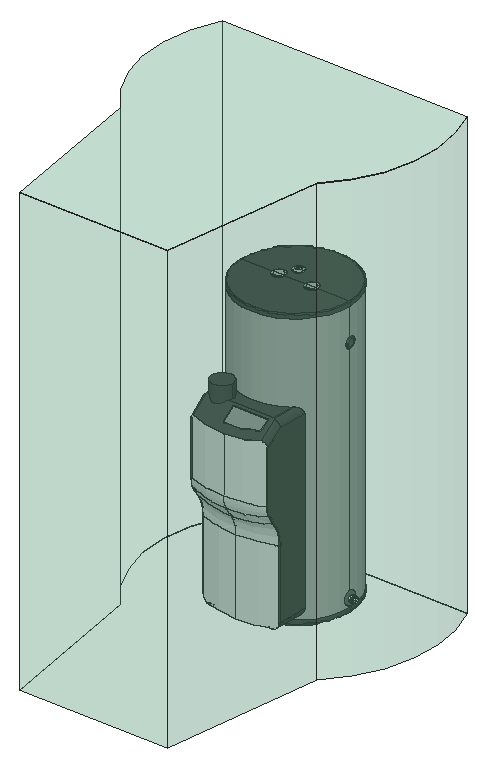
Revit family "Innovo GB_IR 20 200 GB NAT", category Mechanical Equipment, Revit 2015
Parameters (values of type "IR-20-200 GB NAT")
  Workspace Radius = Diameter + 170 mm  # 845 mm
  Workspace Height = Height + 1000 mm  # 2745 mm
  Workspace Front Distance = 1000 mm
  Working only during off-peak hour = no
  Width = Diameter  # 675 mm
  Workspace [instance] = yes
  Water heating energy efficiency class (2) = "-"
  Water heating energy efficiency class (1) = "A"  # constant formula
  Water heating energy efficiency (2) = "92%"
  Water heating energy efficiency (1) = "90%"
  Warranty on tank = "36 months"  # constant formula
  Warranty on parts = "12 months"  # constant formula
  Voltage = 230 V  # constant formula
  Valve Height 02 = if(and(Height = 1745 mm, Diameter = 675 mm), 1518 mm, if(and(Height = 1745 mm, Diameter = 610 mm), 1534 mm, if(Height = 1545 mm, 1328 mm, 1070 mm)))  # 1518 mm
  Valve Height 01 = if(and(Diameter > 560 mm), 693 mm, 604 mm)  # 693 mm
  URL = "www.aosmith.co.uk"
  Type of Packaging = "Carton and Wood"  # constant formula
  Transport Weight = 172 kg
  Trade mark = "A.O. Smith"  # constant formula
  Thermostat temperature setting = 65 °C  # constant formula
  T&P Connection Rp = 1"
  Storage Capacity = 380.0 L
  Standard Set For = "G31"
  Stand-by Loss - daily (24h) = 0 W
  Stand-by Loss = 0 W
  Smart control = no
  Serial Number = "8717449286422"
  Seasonal Energy Efficiency Rating = [Energy Efficiency Rating (Hs, acc NEN-EN 89-1999)]  # 97
  Recovery Rate @ ΔT = 70°C = 380.0 L/s
  Recovery Rate @ ΔT = 55°C = 480.0 L/s
  Recovery Rate @ ΔT = 50°C = 530.0 L/s
  Recovery Rate @ ΔT = 44°C = 600.0 L/s
  Recovery Rate @ ΔT = 28°C = 960.0 L/s
  Product Instruction Link = ""
  Product Documentation Link = ""
  Precaustions during assembling, installation or maintenance = "see User, Installation, Service and Maintenance Manual"  # constant formula
  Power Consumption (peak) = 105 W
  Power Consumption (nominal) = 85 W
  Phase = 1
  Packaging Width = 786 mm  # constant formula
  Packaging Length = 946 mm  # constant formula
  Packaging Height = 1895 mm
  Other load profile = "3XL"
  Operating Weight = 552 kg
  Nominal Output = "30700"
  Nominal Heat Input (Net) = "29000"
  Nominal Heat Input (Gross) = "32200"
  Noice-level dB (A) = "<45"  # constant formula
  NOx Emissions mg/kWh = "103.0/37.0"
  NOx Emissions (air free, 0% O2) ppm = "63.0/23.0"
  Model identifier = "IR-32-380"
  Model = "IR-32-380 GB LP"
  Min. Setpoint = 40 °C  # constant formula
  Max. Setpoint = 85 °C  # constant formula
  Max. Operating Pressure = 800000.0 Pa
  Max. Flue Gas Outlet Temperature = 65 °C
  Manufacturer Number = "E 7110"  # constant formula
  Manufacturer = "A.O. Smith Water Products Company b.v."  # constant formula
  Maintenance Interval = "12 months"  # constant formula
  Load profile = "XXL"
  Length = 780 mm  # constant formula
  Insulation Thickness = 44 mm
  Installation Type = "B23/C13/C33/C43/C53/C63"  # constant formula
  Indoor sound power level = "58 dB"
  Hot / Warm Water Connection R = 1"
  Height Warm Water Outlet = 1745 mm
  Height Gas Connection = 905 mm
  Height Flue Outlet = 1350 mm
  Height Cold Water Inlet = 170 mm
  Height Air Inlet = 1350 mm
  Height = 1745 mm
  Heating Up Time @ ΔT = 70°C = "50"
  Heating Up Time @ ΔT = 55°C = "39"
  Heating Up Time @ ΔT = 50°C = "36"
  Heating Up Time @ ΔT = 44°C = "31"
  Heating Up Time @ ΔT = 28°C = "20"
  Gas Supply Pressure = 3700.0 Pa
  Gas Flow Rate - Volume ltr/hr = "n.a."
  Gas Flow Rate - Mass kg/h = "2.3"
  Gas Connection R = 15"  # constant formula
  Gas Category = "II2E3P"  # constant formula
  Frequency = 50 Hz  # constant formula
  Flue Diameter - water heater = "80/125 mm/mm"  # constant formula
  Flue Diameter - parallel system = "2x80"  # constant formula
  Flue Diameter - concentric system = "80/125 mm/mm"  # constant formula
  Energy Efficiency Rating (Hs, acc NEN-EN 89-1999) = 97
  Energy Efficiency Rating (Hi, acc NEN-EN 89-1999) = 108
  Empty Weight = 155 kg
  Draw-off Capacity @ ΔT = 70°C after 90 min. = 840.0 L
  Draw-off Capacity @ ΔT = 70°C after 60 min. = 650.0 L
  Draw-off Capacity @ ΔT = 70°C after 30 min. = 460.0 L
  Draw-off Capacity @ ΔT = 70°C after 120 min. = 1100.0 L
  Draw-off Capacity @ ΔT = 55°C after 90 min. = 1100.0 L
  Draw-off Capacity @ ΔT = 55°C after 60 min. = 860.0 L
  Draw-off Capacity @ ΔT = 55°C after 30 min. = 610.0 L
  Draw-off Capacity @ ΔT = 55°C after 120 min. = 1400.0 L
  Draw-off Capacity @ ΔT = 50°C after 90 min. = 1300.0 L
  Draw-off Capacity @ ΔT = 50°C after 60 min. = 950.0 L
  Draw-off Capacity @ ΔT = 50°C after 30 min. = 680.0 L
  Draw-off Capacity @ ΔT = 50°C after 120 min. = 1500.0 L
  Draw-off Capacity @ ΔT = 44°C after 90 min. = 1400.0 L
  Draw-off Capacity @ ΔT = 44°C after 60 min. = 1100.0 L
  Draw-off Capacity @ ΔT = 44°C after 30 min. = 790.0 L
  Draw-off Capacity @ ΔT = 44°C after 120 min. = 1800.0 L
  Draw-off Capacity @ ΔT = 28°C after 90 min. = 2300.0 L
  Draw-off Capacity @ ΔT = 28°C after 60 min. = 1800.0 L
  Draw-off Capacity @ ΔT = 28°C after 30 min. = 1300.0 L
  Draw-off Capacity @ ΔT = 28°C after 120 min. = 2800.0 L
  Drain Valve Connection Rp = 3/4"  # constant formula
  Diameter = 675 mm
  Destination / Country = "UK & Ireland"  # constant formula
  Description = "Condensing High Efficiency Storage Water Heater"  # constant formula
  Default Setpoint = 65 °C  # constant formula
  Created By = "http://www.cadcompany.nl/"
  Condens Discharge Connection = 40 mm  # constant formula
  Cold Water Connection R = 3/4"  # constant formula
  Co2 Emissions (tol. +/- 1.0) vol% = "10"
  CE-PIN = "0063CQ3037"  # constant formula
  BIM Content Developer = "CAD & Company"  # constant formula
  Assembly Code = "D3010"
  Annual fuel consumption (2) = "40 GJ GCV"
  Annual fuel consumption (1) = "21 GJ GCV"
  Annual electricity consumption (2) = "92 kWh"
  Annual electricity consumption (1) = "45 kWh"
  APS Pressure < = 210.0 Pa
  2nd Maintenance (general maintenance) = "12 months after installation"  # constant formula
  1e Maintenance (check-up) = "3 months after installation"  # constant formula
Reference planes
  plane 1 "Center (Front/Back)": y = 0
  plane 2: z = 0
  plane 3 "Center (Left/Right)": x = 0
  plane 4 "Pipe": through (-383.901, 912.349, 194.799) normal (-0.0879, -0.0879, 0.9923)
  plane 5 "footing": y = 118.925
  plane 6 "footing front": y = -237.85
  plane 7: x = -337.5
  plane 8: x = 337.5
  plane 9: z = 1745
Forms (mm)
  Revolve 1, solid, material "RAL 9005", detail levels medium+fine
    sketch origin (0, -237.85, 0) x (-1, 0, 0) y (0, 0, 1)
      loop
        line (0, 28.9) -> (-15, 28.9) -> (-15, 26.4) -> (-8.671, 26.4) -> (-8.671, 18) -> (-5.686, 18) -> (-6.626, 17.06) -> (-6.626, 12.06) -> (-8.671, 12.06) -> (-8.671, 10) -> (-10.031, 10) -> (-23.271, 5.181)
        arc (-23.271, 5.181) -> (-23.763, 4.836) -> (-24.017, 4.293) r 1.159
        line (-24.017, 4.293) -> (-24.017, 1.03)
        arc (-24.017, 1.03) -> (-23.715, 0.302) -> (-22.986, 0) r 1.03
        line (-22.986, 0) -> (0, 0) -> (0, 28.9)
      axis (0, 28.9) -> (0, 0)
    angle from 0 to 360
  Revolve 2, solid, material "RAL 9005", detail levels medium+fine
    sketch origin (0, 118.925, 0) x (-1, 0, 0) y (0, 0, 1)
      loop
        line (-238.484, 28.9) -> (-253.484, 28.9) -> (-253.484, 26.4) -> (-247.155, 26.4) -> (-247.155, 18) -> (-244.17, 18) -> (-245.11, 17.06) -> (-245.11, 12.06) -> (-247.155, 12.06) -> (-247.155, 10) -> (-248.515, 10) -> (-261.756, 5.181)
        arc (-261.756, 5.181) -> (-262.247, 4.836) -> (-262.501, 4.293) r 1.159
        line (-262.501, 4.293) -> (-262.501, 1.03)
        arc (-262.501, 1.03) -> (-262.199, 0.302) -> (-261.471, 0) r 1.03
        line (-261.471, 0) -> (-238.484, 0) -> (-238.484, 28.9)
      axis (-238.484, 28.9) -> (-238.484, 0)
    angle from 0 to 360
  Revolve 3, solid, material "RAL 9005", detail levels medium+fine
    sketch origin (0, 118.925, 0) x (-1, 0, 0) y (0, 0, 1)
      loop
        line (236.516, 28.9) -> (221.516, 28.9) -> (221.516, 26.4) -> (227.845, 26.4) -> (227.845, 18) -> (230.83, 18) -> (229.89, 17.06) -> (229.89, 12.06) -> (227.845, 12.06) -> (227.845, 10) -> (226.485, 10) -> (213.244, 5.181)
        arc (213.244, 5.181) -> (212.753, 4.836) -> (212.499, 4.293) r 1.159
        line (212.499, 4.293) -> (212.499, 1.03)
        arc (212.499, 1.03) -> (212.801, 0.302) -> (213.529, 0) r 1.03
        line (213.529, 0) -> (236.516, 0) -> (236.516, 28.9)
      axis (236.516, 28.9) -> (236.516, 0)
    angle from 0 to 360
Lines and regions (mm)
  symbolic lines
    curve 1: line (0, 280.06, 0) -> (0, -280.06, 0)
    curve 2: line (-312.56, 0, 0) -> (312.56, 0, 0)
  symbolic lines, style "Workspace"
    curve 3: line (754.705, 380.06, 0) -> (-754.705, 380.06, 0)
    curve 4: arc (-754.705, 380.06, 0) -> (-834.687, -131.618, 0) -> (-601.132, -593.856, 0) r 845
    curve 5: line (-601.132, -593.856, 0) -> (-454.283, -1552.825, 0)
    curve 6: line (-454.283, -1552.825, 0) -> (456.53, -1552.825, 0)
    curve 7: line (456.53, -1552.825, 0) -> (603.26, -591.695, 0)
    curve 8: arc (603.26, -591.695, 0) -> (834.921, -130.12, 0) -> (754.705, 380.06, 0) r 845
Dimensions and locks
  plane 5 "footing" to plane 1 "Center (Front/Back)" = 118.925 mm
  plane 1 "Center (Front/Back)" to plane 6 "footing front" = 237.85 mm
  "Diameter": plane 7 to plane 8
  equal spacing: plane 7, plane 3 "Center (Left/Right)", plane 8
  "Height": plane 9 to plane 2
  "Workspace Front Distance": curve 6 to nested 3
  "Workspace Radius": radius of curve 4
  "Workspace Radius": radius of curve 8
  aligned and locked: level to plane 2
  aligned and locked: nested 3 to Revolve 1 sketch curve
  aligned and locked: plane 3 "Center (Left/Right)" to Revolve 1 sketch curve
  aligned and locked: nested 3 to plane 1 "Center (Front/Back)"
  aligned and locked: plane 3 "Center (Left/Right)" to nested 3
  aligned and locked: nested 1 to plane 8
  aligned and locked: nested 5 to plane 8
  aligned and locked: nested 2 to plane 7
  aligned and locked: nested 4 to plane 7
  aligned and locked: nested 7 to plane 7
  aligned and locked: nested 8 to plane 3 "Center (Left/Right)"
  aligned and locked: plane 1 "Center (Front/Back)" to nested 8
  aligned and locked: nested 8 to nested 3
  aligned and locked: curve 5 to nested 8
  aligned and locked: curve 7 to nested 8
  aligned and locked: curve 3 to nested 8
Automatic sketch dimensions
  Revolve 1 sketch curve to level = 0 mm
  plane 3 "Center (Left/Right)" to Revolve 1 sketch curve = 5.686 mm
  Revolve 1 sketch curve to Revolve 1 sketch curve = 0.94 mm  (x2)
  Revolve 1 sketch curve to Revolve 1 sketch curve = 2.046 mm  (x2)
  Revolve 1 sketch curve to Revolve 1 sketch curve = 1.359 mm
  Revolve 1 sketch curve to Revolve 1 sketch curve = 6.329 mm
  level to Revolve 1 sketch curve = 4.091 mm
  Revolve 1 sketch curve to Revolve 1 sketch curve = 12.844 mm
  level to Revolve 1 sketch curve = 1.03 mm
  Revolve 1 sketch curve to Revolve 1 sketch curve = 0.111 mm
  level to Revolve 1 sketch curve = 5.181 mm
  Revolve 1 sketch curve to Revolve 1 sketch curve = 0.745 mm
  level to Revolve 1 sketch curve = 10 mm
  Revolve 1 sketch curve to Revolve 1 sketch curve = 2.06 mm
  Revolve 1 sketch curve to Revolve 1 sketch curve = 5 mm
  Revolve 1 sketch curve to Revolve 1 sketch curve = 8.4 mm
  Revolve 1 sketch curve to Revolve 1 sketch curve = 2.5 mm
  Revolve 1 sketch curve to level = 19.635 mm
  Revolve 1 sketch curve to Revolve 1 sketch curve = 46.465 mm
  Revolve 2 sketch curve to level = 0 mm
  level to Revolve 2 sketch curve = 1.03 mm
  Revolve 2 sketch curve to plane 8 = 74.999 mm
  level to Revolve 2 sketch curve = 5.181 mm
  Revolve 2 sketch curve to Revolve 2 sketch curve = 0.745 mm
  Revolve 2 sketch curve to Revolve 2 sketch curve = 0.397 mm
  Revolve 2 sketch curve to Revolve 2 sketch curve = 8.271 mm
  Revolve 2 sketch curve to Revolve 2 sketch curve = 13.241 mm
  Revolve 2 sketch curve to Revolve 2 sketch curve = 1.359 mm
  Revolve 2 sketch curve to Revolve 2 sketch curve = 6.329 mm
  Revolve 2 sketch curve to Revolve 2 sketch curve = 2.046 mm
  level to Revolve 2 sketch curve = 18 mm
  Revolve 2 sketch curve to Revolve 2 sketch curve = 0.94 mm  (x2)
  Revolve 2 sketch curve to Revolve 2 sketch curve = 8.671 mm
  Revolve 2 sketch curve to Revolve 2 sketch curve = 1.089 mm
  Revolve 2 sketch curve to Revolve 2 sketch curve = 8 mm
  Revolve 2 sketch curve to Revolve 2 sketch curve = 2.06 mm
  Revolve 2 sketch curve to Revolve 2 sketch curve = 8.4 mm
  Revolve 2 sketch curve to Revolve 2 sketch curve = 2.5 mm
  Revolve 2 sketch curve to Revolve 2 sketch curve = 0 mm
  Revolve 2 sketch curve to level = 19.635 mm
  Revolve 2 sketch curve to Revolve 2 sketch curve = 46.465 mm
  Revolve 3 sketch curve to level = 0 mm
  level to Revolve 3 sketch curve = 1.03 mm
  Revolve 3 sketch curve to plane 7 = 125.001 mm
  level to Revolve 3 sketch curve = 5.181 mm
  Revolve 3 sketch curve to Revolve 3 sketch curve = 0.745 mm
  Revolve 3 sketch curve to Revolve 3 sketch curve = 0.397 mm
  Revolve 3 sketch curve to Revolve 3 sketch curve = 8.271 mm
  Revolve 3 sketch curve to Revolve 3 sketch curve = 13.241 mm
  Revolve 3 sketch curve to Revolve 3 sketch curve = 1.359 mm
  Revolve 3 sketch curve to Revolve 3 sketch curve = 6.329 mm
  Revolve 3 sketch curve to Revolve 3 sketch curve = 2.046 mm
  level to Revolve 3 sketch curve = 18 mm
  Revolve 3 sketch curve to Revolve 3 sketch curve = 0.94 mm  (x2)
  Revolve 3 sketch curve to Revolve 3 sketch curve = 8.671 mm
  Revolve 3 sketch curve to Revolve 3 sketch curve = 1.089 mm
  Revolve 3 sketch curve to Revolve 3 sketch curve = 8 mm
  Revolve 3 sketch curve to Revolve 3 sketch curve = 2.06 mm
  Revolve 3 sketch curve to Revolve 3 sketch curve = 8.4 mm
  Revolve 3 sketch curve to Revolve 3 sketch curve = 2.5 mm
  Revolve 3 sketch curve to Revolve 3 sketch curve = 0 mm
  Revolve 3 sketch curve to level = 19.635 mm
  Revolve 3 sketch curve to Revolve 3 sketch curve = 46.465 mm
  curve 4 to curve 8 = 0 mm  (x2)
  plane 1 "Center (Front/Back)" to curve 2 = 0 mm
  curve 1 to plane 3 "Center (Left/Right)" = 0 mm
  plane 1 "Center (Front/Back)" to curve 4 = 0 mm
  curve 4 to plane 3 "Center (Left/Right)" = 0 mm
  curve 2 to plane 7 = 24.94 mm
  curve 2 to plane 8 = 24.94 mm
  curve 1 to plane 6 "footing front" = 42.21 mm
  plane 5 "footing" to curve 1 = 161.135 mm
Nested families
  nested 1: "Valve" at (337.5, -0.38, 1518) x (0, 1, 0) z (0, 0, 1), built-in parameter 1001364 <- "Valve Height 02", type "Valve"
  nested 2: "Drain Valve" at (-337.5, 0, 1518), built-in parameter 1001364 <- "Valve Height 02", type "Drain Valve"
  nested 3: "Housing Mother Housing S 57 (external)" at (0, -334.886, 0), type "Housing Mother_Housing S_57"
    with radius 337.5 mm, distance to boiler center 189 mm, diameter 675 mm
  nested 4: "Drain Valve" at (-337.5, 0, 177), type "Drain Valve"
  nested 5: "Drain Valve" at (337.5, 0, 107) x (-1, 0, 0) z (0, 0, 1), type "Drain Valve"
  nested 6: "Boiler" at (0, 0, 0), height <- "Height", type "Boiler"
    with height 1745 mm, radius 337.5 mm, Diameter 675 mm
  nested 7: "Drain Valve" at (-337.5, 0, 693), built-in parameter 1001364 <- "Valve Height 01", type "Drain Valve"
  nested 8: "Innovo_workspace" at (0, 0, 0), Workspace <- "Workspace", Workspace Distance Front <- "Workspace Front Distance", Workspace Height <- "Workspace Height", Workspace Radius <- "Workspace Radius", type "Workspace"
    with Workspace Radius 845 mm, Workspace Height 2745 mm, Workspace Distance Front 1000 mm, Workspace yes, Center to Front 552.825 mm
Connectors
  piping at (372.326, 0, 107), diameter 19.05, driven by "Drain Valve Connection Rp"
    settings: on nested 5, index 1, connector inside diameter 24", connector length 0 mm, flow factor 0, pipe flow 0.0 L/s, pressure drop 0.0 Pa, fitting loss kfactor 0, connector angle 0.00°, fixture units 0, engagement length 0 mm, angle of deflection 0.00°, flow configuration 0, flow direction 0, fitting loss method 0, system type 19, joint type 0, gender type 0, connector reference index -1, connector utility 0, adjustable connector no, is connector primary yes, connector description ""
  hvac at (-147.013, -381.326, 1310.674)
    settings: on nested 3, index 2, duct flow 0.0 L/s, flow factor 0, pres drop 0.0 Pa, loss coef 0, conn angle 0.00°, conn width 304.8 mm, conn height 304.8 mm, conn diameter 125 mm, duct sys type 4, conn prof type 0, flow config 0, flow direction 0, loss method 0, conn ref index -1, conn util no, is conn primary yes, conn desc ""
Definition of nested family "Valve"
  Parameters (values of type "Valve")
    Type Comments = "T&P valve (internal)"
    Manufacturer = "A.O. Smith"
  Reference planes
    plane 1 "Center (Front/Back)": y = 0
    plane 2: z = 0
    plane 3 "Center (Left/Right)": x = 0
  Forms (mm)
    Extrusion 1, solid, detail levels fine
      sketch origin (0, 0, 0) x (1, 0, 0) y (0, 0, 1)
        loop
          circle (0, 0) r 31.5
      from -2.271 to 1.4
    Sweep 2, solid, detail levels fine
      path origin (0, -1.4, 0) x (1, 0, 0) y (0, 0, 1)
        loop
          circle (0, 0) r 31.5
      profile origin (0, -1.4, 31.5) x (0, 0, -1) y (0, -1, 0)
        loop
          line (7.3, 0) -> (7.3, 3) -> (0, 0) -> (7.3, 0)
  Dimensions and locks
    aligned and locked: level to plane 2
Definition of nested family "Drain Valve"
  Reference planes
    plane 1 "Center (Front/Back)": y = 0
    plane 2: z = 0
    plane 3 "Center (Left/Right)": x = 0
  Forms (mm)
    Revolve 1, solid, detail levels medium+fine
      sketch origin (0, 0, 0) x (1, 0, 0) y (0, 0, 1)
        loop
          line (-33.442, 15.696) -> (-34.826, 14.329) -> (-34.93, 12.731) -> (-16.555, 12.731) -> (-16.555, 0) -> (15.787, 0) -> (15.787, 18.3) -> (-14.4, 18.3) -> (-17.148, 15.533) -> (-18.729, 16.697) -> (-20.091, 15.333) -> (-21.672, 16.496) -> (-23.034, 15.133) -> (-24.614, 16.296) -> (-25.976, 14.932) -> (-27.557, 16.096) -> (-28.919, 14.732) -> (-30.5, 15.896) -> (-31.862, 14.532) -> (-33.442, 15.696)
        axis (-34.93, 0) -> (15.787, 0)
      angle from 0 to 360
  Dimensions and locks
    aligned and locked: level to plane 2
  Nested families
    nested 1: "Rubber sealing" at (2.592, -0.155, 0) x (0.0023, -1, 0) z (0, 0, 1), type "Rubber sealing", detail levels fine
  Definition of nested family "Rubber sealing"
    Reference planes
      plane 1 "Center (Front/Back)": y = 0
      plane 2: z = 0
      plane 3 "Center (Left/Right)": x = 0
    Forms (mm)
      Extrusion 1, solid, detail levels fine
        sketch origin (141.861, 319.581, 0) x (1, 0, 0) y (0, 1, 0)
          loop
            line (-216.354, -311.898) -> (-216.354, -313.94)
            arc (-216.354, -313.94) -> (-141.602, -321.581) -> (-66.861, -313.835) r 366.966
            line (-66.861, -313.835) -> (-66.861, -311.791)
            arc (-66.861, -311.791) -> (-141.602, -319.581) -> (-216.354, -311.898) r 364.966
        from -80 to 80
      Extrusion 2, void
        sketch origin (141.861, 319.581, 0) x (1, 0, 0) y (0, 0, 1)
          loop
            circle (-141.861, 0) r 13
          loop
            circle (-141.861, 0) r 110
          loop
            circle (-141.861, 0) r 40
        from 311.563 to 332.684
      Extrusion 3, void
        sketch origin (141.861, 319.581, 0) x (1, 0, 0) y (0, 0, 1)
          loop
            circle (-141.861, 0) r 18.25
        from 315.524 to 326.084
    Cuts and joins
      Extrusion 2, Extrusion 3 cuts Extrusion 1
    Dimensions and locks
      aligned and locked: level to plane 2
Definition of nested family "Housing Mother Housing S 57 (external)"
  Parameters (values of type "Housing Mother_Housing S_57")
    radius [instance] = 280 mm
    distance to boiler center = if(diameter = 675 mm, 189 mm, if(diameter = 610 mm, 154 mm, 129 mm))  # 129 mm
    diameter = 560 mm
  Reference planes
    plane 1 "Center (Front/Back)": y = 0
    plane 2: z = 0
    plane 3 "Center (Left/Right)": x = 0
    plane 4 "left": through (-245.286, 145.886, 1200) normal (0.9994, 0.0349, 0)
    plane 5: y = -217.939
    plane 6: y = 145.886
    plane 7: z = 1232.6
    plane 8: z = 65.89
    plane 9 "right": through (245.286, 145.886, 1200) normal (0.9994, -0.0349, 0)
    plane 10 "display": through (0, -90.37, 1221.196) normal (0, -0.5736, 0.8192)
    plane 11 "Potentiostat": z = 867.899
    plane 12 "boiler center": y = 274.886
    plane 13: x = -280
    plane 14: x = 280
  Forms (mm)
    Extrusion 1, solid
      sketch origin (0, 0, 0) x (1, 0, 0) y (0, 1, 0)
        loop
          line (-245.286, 145.886) -> (-232.581, -217.939) -> (232.581, -217.939) -> (245.286, 145.886)
          arc (245.286, 145.886) -> (0, 0.923) -> (-245.286, 145.886) r 280
      from 0 to 1232.6
    Sweep 2, void
      path origin (0, 0, 0) x (0, 1, 0) y (0, 0, 1)
        loop
          line (-217.939, 1232.6) -> (-217.939, 795.555)
          arc (-217.939, 795.555) -> (-212.387, 754.285) -> (-197.694, 715.322) r 183.924
          arc (-197.694, 715.322) -> (-179.915, 684.628) -> (-159.106, 655.901) r 348.284
          arc (-159.106, 655.901) -> (-131.411, 600.328) -> (-121.88, 538.973) r 202.254
          line (-121.88, 538.973) -> (-121.88, 61.106)
      profile origin (0, -217.939, 1014.077) x (1, 0, 0) y (0, 1, 0)
        loop
          arc (0, 0) -> (-117.533, 9.941) -> (-231.728, 39.475) r 699.984
          arc (-231.728, 39.475) -> (-233.391, 40.705) -> (-234.07, 42.659) r 3.505
          line (-234.07, 42.659) -> (-254.062, 42.659) -> (-254.062, -142.593) -> (254.07, -142.593) -> (254.07, 42.659) -> (234.07, 42.659)
          arc (234.07, 42.659) -> (233.391, 40.705) -> (231.728, 39.475) r 3.505
          arc (231.728, 39.475) -> (117.533, 9.941) -> (0, 0) r 699.984
    Extrusion 3, void
      sketch origin (0, 0, 0) x (0, 1, 0) y (0, 0, 1)
        loop
          arc (102.864, 70.869) -> (99.804, 70.709) -> (96.874, 69.813) r 12.57
          arc (96.874, 69.813) -> (87.878, 66.533) -> (78.516, 64.529) r 69.114
          arc (78.516, 64.529) -> (76.41, 64.284) -> (74.294, 64.148) r 41.206
          arc (74.294, 64.148) -> (65.203, 64.335) -> (56.122, 64.782) r 318.661
          arc (56.122, 64.782) -> (30.585, 66.179) -> (5.028, 67.128) r 1456.581
          line (5.028, 67.128) -> (-84.534, 73.135)
          arc (-84.534, 73.135) -> (-86.363, 73.808) -> (-87.536, 75.365) r 3.455
          line (-87.536, 75.365) -> (-264.473, 75.365) -> (-264.473, 0) -> (160.886, 0) -> (160.886, 103.945) -> (145.886, 103.945)
          arc (145.886, 103.945) -> (145.104, 97.827) -> (142.923, 92.059) r 26.364
          arc (142.923, 92.059) -> (141.067, 88.936) -> (138.867, 86.045) r 31.715
          arc (138.867, 86.045) -> (135.576, 82.49) -> (132.021, 79.2) r 62.615
          arc (132.021, 79.2) -> (125.841, 74.697) -> (119.091, 71.103) r 54.444
          arc (119.091, 71.103) -> (116.371, 70.272) -> (113.531, 70.123) r 11.669
          line (113.531, 70.123) -> (102.864, 70.869)
      from -254.062 to 254.07
    Sweep 4, void
      path origin (0, 0, 0) x (1, 0, 0) y (0, 1, 0)
        loop
          line (-245.286, 145.886) -> (-232.581, -217.939)
      profile origin (-238.933, -36.027, 0) x (0.999391, 0.034899, 0) y (0, 0, 1)
        loop
          line (-4.454, 0) -> (47.084, 0) -> (47.084, 73.431)
          arc (47.084, 73.431) -> (14.222, 85.134) -> (0.255, 117.1) r 43.922
          line (0.255, 117.1) -> (-4.454, 117.1) -> (-4.454, 0)
    Sweep 5, void
      path origin (0, 0, 0) x (-1, 0, 0) y (0, 1, 0)
        loop
          line (-245.286, 145.886) -> (-232.581, -217.939)
      profile origin (238.933, -36.027, 0) x (0.999391, -0.034899, 0) y (0, 0, 1)
        loop
          line (4.454, 0) -> (4.454, 117.1) -> (-0.255, 117.1)
          arc (-0.255, 117.1) -> (-14.222, 85.134) -> (-47.084, 73.431) r 43.922
          line (-47.084, 73.431) -> (-47.084, 0) -> (4.454, 0)
    Sweep 6, void
      path origin (-239.899, -8.377, 0) x (-0.034899, 0.999391, 0) y (0, 0, 1)
        loop
          line (-209.69, 1141.272) -> (-79.18, 1232.6) -> (154.358, 1232.6)
      profile origin (-241.211, 29.188, 1232.6) x (0, 0, 1) y (0.999391, 0.034899, 0)
        loop
          line (-45, -30) -> (75, -30) -> (75, 0) -> (75, 55) -> (2.799, 55) -> (-1.253, 35.128)
          arc (-1.253, 35.128) -> (-16.771, 9.564) -> (-45, -0.308) r 44.287
          line (-45, -0.308) -> (-45, -30)
    Sweep 7, void
      path origin (239.899, -8.377, 0) x (0.034899, 0.999391, 0) y (0, 0, 1)
        loop
          line (-209.69, 1141.272) -> (-79.18, 1232.6) -> (154.358, 1232.6)
      profile origin (241.211, 29.188, 1232.6) x (0, 0, -1) y (-0.999391, 0.034899, 0)
        loop
          line (-75, -25) -> (45, -25) -> (45, -0.308)
          arc (45, -0.308) -> (16.771, 9.564) -> (1.253, 35.128) r 44.287
          line (1.253, 35.128) -> (-2.799, 55) -> (-75, 55) -> (-75, -25)
    Extrusion 8, void
      sketch origin (0, 0, 0) x (0, 1, 0) y (0, 0, 1)
        loop
          line (-270, 1336.099) -> (-270, 1099.081) -> (68.497, 1336.099) -> (-270, 1336.099)
      from -425.038 to 444.42
    Extrusion 9, solid, detail levels medium+fine
      sketch origin (0, 0, 0) x (1, 0, 0) y (0, 1, 0)
        loop
          circle (-147.013, -46.44) r 65
      from 1163.174 to 1310.674
    Extrusion 10, void
      sketch origin (0, -603.506, 861.895) x (0, 0.819152, 0.573576) y (-1, 0, 0)
        loop
          arc (618.322, -173) -> (623.272, -170.95) -> (625.322, -166) r 7
          line (625.322, -166) -> (625.322, 35)
          arc (625.322, 35) -> (623.272, 39.95) -> (618.322, 42) r 7
          line (618.322, 42) -> (535.473, 42)
          arc (535.473, 42) -> (530.688, 40.11) -> (528.488, 35.46) r 7
          arc (528.488, 35.46) -> (531.569, -67.592) -> (554.18, -168.18) r 540
          arc (554.18, -168.18) -> (556.724, -171.668) -> (560.831, -173) r 7
          line (560.831, -173) -> (618.322, -173)
      from 0 to 137.286
    Sweep 11, solid, detail levels fine
      path origin (0, 0, 867.899) x (-1, 0, 0) y (0, -1, 0)
        loop
          line (309.749, -35.617) -> (204.371, -35.617)
          arc (204.371, -35.617) -> (196.509, -34.687) -> (189.082, -31.947) r 33.677
          line (189.082, -31.947) -> (-9.574, 69.274)
      profile origin (-257.06, 35.617, 867.899) x (0, 1, 0) y (0, 0, 1)
        loop
          circle (0, 0) r 7.316
        loop
          circle (0, 0) r 6.465
    Revolve 12, void
      sketch origin (0, 274.886, 0) x (-1, 0, 0) y (0, 0, 1)
        loop
          line (280, 1243.838) -> (0, 1243.838) -> (0, 54.9) -> (280, 54.9) -> (280, 1243.838)
        axis (0, 1243.838) -> (0, 54.9)
      angle from 0 to 360
  Cuts and joins
    Sweep 2, Extrusion 3, Sweep 4, Sweep 5, Sweep 6, Sweep 7, Extrusion 8, Extrusion 10, Revolve 12 cuts Extrusion 1
  Dimensions and locks
    plane 8 to plane 2 = 65.89 mm
    plane 7 to plane 8 = 1166.71 mm
    "distance to boiler center": plane 12 "boiler center" to plane 6
    "diameter": plane 14 to plane 13
    equal spacing: plane 14, plane 3 "Center (Left/Right)", plane 13
    "radius": plane 3 "Center (Left/Right)" to plane 13
    aligned and locked: level to plane 2
    aligned and locked: Extrusion 1 to plane 7
    aligned and locked: Extrusion 1 sketch curve to plane 5
    aligned and locked: Sweep 2 to Extrusion 3
    aligned and locked: Extrusion 3 to Sweep 2  (x2)
    aligned and locked: plane 7 to Sweep 2 sketch curve
    aligned and locked: plane 3 "Center (Left/Right)" to Revolve 12 sketch curve
    aligned and locked: Revolve 12 sketch curve to plane 3 "Center (Left/Right)"
    aligned and locked: plane 13 to Revolve 12 sketch curve
  Automatic sketch dimensions
    Extrusion 1 sketch curve to plane 4 "left" = 0 mm  (x2)
    Extrusion 1 sketch curve to plane 6 = 0 mm  (x2)
    Extrusion 1 sketch curve to plane 3 "Center (Left/Right)" = 0 mm
    Extrusion 1 sketch curve to plane 9 "right" = 0 mm
    plane 6 to Extrusion 1 sketch curve = 135.037 mm
    Sweep 2 sketch curve to plane 5 = 0 mm
    plane 5 to Sweep 2 sketch curve = 106.195 mm
    Sweep 2 sketch curve to plane 5 = 96.059 mm
    plane 1 "Center (Front/Back)" to Sweep 2 sketch curve = 34.053 mm
    plane 11 "Potentiostat" to Sweep 2 sketch curve = 6.417 mm
    Sweep 2 sketch curve to plane 6 = 33.705 mm
    Sweep 2 sketch curve to plane 11 "Potentiostat" = 68.615 mm
    Sweep 2 sketch curve to plane 11 "Potentiostat" = 72.345 mm
    Sweep 2 sketch curve to Sweep 2 sketch curve = 176.349 mm
    Sweep 2 sketch curve to Sweep 2 sketch curve = 0 mm  (x2)
    plane 8 to Sweep 2 sketch curve = 4.784 mm
    Extrusion 3 sketch curve to level = 0 mm
    Extrusion 3 sketch curve to plane 6 = 0 mm
    Extrusion 3 sketch curve to plane 6 = 26.363 mm
    Extrusion 3 sketch curve to Extrusion 3 sketch curve = 4.75 mm
    Extrusion 3 sketch curve to Extrusion 3 sketch curve = 5.179 mm
    Extrusion 3 sketch curve to plane 8 = 4.232 mm
    Extrusion 3 sketch curve to Extrusion 3 sketch curve = 0.814 mm
    Extrusion 3 sketch curve to plane 8 = 4.978 mm
    Extrusion 3 sketch curve to Extrusion 3 sketch curve = 10.667 mm
    Extrusion 3 sketch curve to Extrusion 3 sketch curve = 0.877 mm
    Extrusion 3 sketch curve to Extrusion 3 sketch curve = 17.827 mm
    Extrusion 3 sketch curve to Extrusion 3 sketch curve = 5.646 mm
    Extrusion 3 sketch curve to plane 6 = 69.562 mm
    Extrusion 3 sketch curve to Extrusion 3 sketch curve = 18.6 mm
    Extrusion 3 sketch curve to Extrusion 3 sketch curve = 22.538 mm
    Extrusion 3 sketch curve to plane 8 = 1.238 mm
    Extrusion 3 sketch curve to plane 1 "Center (Front/Back)" = 5.028 mm
    plane 1 "Center (Front/Back)" to Extrusion 3 sketch curve = 36.224 mm
    Extrusion 3 sketch curve to plane 8 = 10.692 mm
    plane 1 "Center (Front/Back)" to Extrusion 3 sketch curve = 84.302 mm
    Extrusion 3 sketch curve to plane 8 = 7.244 mm
    Extrusion 3 sketch curve to Extrusion 3 sketch curve = 0.231 mm
    Extrusion 3 sketch curve to Extrusion 3 sketch curve = 3.234 mm
    plane 5 to Extrusion 3 sketch curve = 46.534 mm
    plane 6 to Extrusion 3 sketch curve = 15 mm
    Extrusion 3 sketch curve to level = 1388.869 mm
    plane 8 to Extrusion 3 sketch curve = 7.561 mm
    Extrusion 3 sketch curve to Extrusion 3 sketch curve = 11.64 mm
    Extrusion 3 sketch curve to plane 8 = 38.054 mm
    Extrusion 3 sketch curve to Extrusion 3 sketch curve = 22.442 mm
    Extrusion 3 sketch curve to plane 8 = 39.432 mm
    Extrusion 3 sketch curve to Extrusion 3 sketch curve = 2.466 mm
    Extrusion 3 sketch curve to Extrusion 3 sketch curve = 14.17 mm
    Extrusion 3 sketch curve to Extrusion 3 sketch curve = 5.925 mm
    Extrusion 3 sketch curve to Extrusion 3 sketch curve = 6.186 mm
    Extrusion 3 sketch curve to Extrusion 3 sketch curve = 249.85 mm
    Extrusion 3 sketch curve to Extrusion 3 sketch curve = 0 mm  (x4)
    Extrusion 3 sketch curve to Extrusion 3 sketch curve = 6.845 mm
    plane 8 to Extrusion 3 sketch curve = 1.743 mm
    Sweep 4 sketch curve to plane 4 "left" = 0 mm  (x2)
    Sweep 4 sketch curve to plane 6 = 0 mm
    plane 5 to Sweep 4 sketch curve = 0 mm
    Sweep 4 sketch curve to level = 0 mm
    profile plane to Sweep 4 sketch curve = 4.454 mm
    Sweep 4 sketch curve to profile plane = 0.255 mm
    Sweep 4 sketch curve to Sweep 4 sketch curve = 43.922 mm
    Sweep 4 sketch curve to profile plane = 47.084 mm
    level to Sweep 4 sketch curve = 73.431 mm
    Sweep 4 sketch curve to Sweep 4 sketch curve = 43.669 mm
    Sweep 5 sketch curve to plane 6 = 0 mm
    Sweep 5 sketch curve to plane 9 "right" = 0 mm  (x2)
    plane 5 to Sweep 5 sketch curve = 0 mm
    Sweep 5 sketch curve to level = 0 mm
    profile plane to Sweep 5 sketch curve = 47.084 mm
    Sweep 5 sketch curve to Sweep 5 sketch curve = 2.907 mm
    profile plane to Sweep 5 sketch curve = 0.255 mm
    Sweep 5 sketch curve to profile plane = 4.454 mm
    level to Sweep 5 sketch curve = 73.431 mm
    Sweep 5 sketch curve to Sweep 5 sketch curve = 43.669 mm
    Sweep 6 sketch curve to plane 7 = 0 mm
    plane 7 to Sweep 6 sketch curve = 91.328 mm
    Sweep 6 sketch curve to Sweep 6 sketch curve = 130.509 mm
    Sweep 6 sketch curve to Sweep 6 sketch curve = 233.538 mm
    Sweep 6 sketch curve to plane 4 "left" = 0 mm
    profile plane to Sweep 6 sketch curve = 45 mm
    Sweep 6 sketch curve to Sweep 6 sketch curve = 0.354 mm
    profile plane to Sweep 6 sketch curve = 1.253 mm
    Sweep 6 sketch curve to profile plane = 2.799 mm
    Sweep 6 sketch curve to Sweep 6 sketch curve = 72.201 mm
    Sweep 6 sketch curve to plane 4 "left" = 0.308 mm
    Sweep 6 sketch curve to Sweep 6 sketch curve = 29.692 mm
    plane 4 "left" to Sweep 6 sketch curve = 35.128 mm
    plane 4 "left" to Sweep 6 sketch curve = 55 mm
    Sweep 7 sketch curve to plane 7 = 0 mm
    Sweep 7 sketch curve to plane 7 = 91.328 mm
    Sweep 7 sketch curve to Sweep 7 sketch curve = 130.509 mm
    Sweep 7 sketch curve to Sweep 7 sketch curve = 233.538 mm
    Sweep 7 sketch curve to plane 9 "right" = 25 mm
    profile plane to Sweep 7 sketch curve = 75 mm
    profile plane to Sweep 7 sketch curve = 2.799 mm
    Sweep 7 sketch curve to profile plane = 1.253 mm
    Sweep 7 sketch curve to Sweep 7 sketch curve = 43.393 mm
    Sweep 7 sketch curve to profile plane = 45 mm
    Sweep 7 sketch curve to plane 9 "right" = 0.308 mm
    plane 9 "right" to Sweep 7 sketch curve = 35.128 mm
    Sweep 7 sketch curve to Sweep 7 sketch curve = 19.872 mm
    plane 5 to Extrusion 8 sketch curve = 52.061 mm
    Extrusion 8 sketch curve to plane 1 "Center (Front/Back)" = 68.497 mm
    plane 7 to Extrusion 8 sketch curve = 133.519 mm
    Extrusion 8 sketch curve to plane 7 = 103.499 mm
    plane 1 "Center (Front/Back)" to Extrusion 9 sketch curve = 46.44 mm
    Extrusion 9 sketch curve to plane 3 "Center (Left/Right)" = 147.013 mm
    Extrusion 10 sketch curve to plane 3 "Center (Left/Right)" = 0 mm
    Extrusion 10 sketch curve to plane 3 "Center (Left/Right)" = 35 mm
    Extrusion 10 sketch curve to Extrusion 10 sketch curve = 25.359 mm
    Extrusion 10 sketch curve to Extrusion 10 sketch curve = 57.491 mm
    Extrusion 10 sketch curve to plane 3 "Center (Left/Right)" = 42 mm
    Extrusion 10 sketch curve to Extrusion 10 sketch curve = 82.85 mm
    Extrusion 10 sketch curve to Extrusion 10 sketch curve = 7 mm
    Extrusion 10 sketch curve to Extrusion 10 sketch curve = 442 mm
    plane 3 "Center (Left/Right)" to Extrusion 10 sketch curve = 166 mm
    Extrusion 10 sketch curve to Extrusion 10 sketch curve = 0 mm  (x2)
    Sweep 11 sketch curve to plane 1 "Center (Front/Back)" = 31.947 mm
    Sweep 11 sketch curve to plane 3 "Center (Left/Right)" = 189.082 mm
    Sweep 11 sketch curve to plane 1 "Center (Front/Back)" = 1.94 mm
    Sweep 11 sketch curve to Sweep 11 sketch curve = 15.289 mm
    plane 3 "Center (Left/Right)" to Sweep 11 sketch curve = 9.574 mm
    Sweep 11 sketch curve to Sweep 11 sketch curve = 105.378 mm
    plane 1 "Center (Front/Back)" to Sweep 11 sketch curve = 69.274 mm
    Sweep 11 sketch curve to Sweep 11 sketch curve = 0 mm  (x2)
    Sweep 11 sketch curve to plane 11 "Potentiostat" = 0 mm
    Sweep 11 sketch curve to profile plane = 0 mm
    plane 8 to Revolve 12 sketch curve = 10.99 mm
    Revolve 12 sketch curve to plane 7 = 11.238 mm
    Revolve 12 sketch curve to level = 366.045 mm
    Revolve 12 sketch curve to Revolve 12 sketch curve = 971.917 mm
    Sweep 2 sketch curve to plane 3 "Center (Left/Right)" = 0 mm
    profile plane to Sweep 2 sketch curve = 0 mm
    Sweep 2 sketch curve to plane 3 "Center (Left/Right)" = 0.016 mm
    Sweep 2 sketch curve to profile plane = 42.782 mm  (x2)
    Sweep 2 sketch curve to plane 3 "Center (Left/Right)" = 230.568 mm
    plane 3 "Center (Left/Right)" to Sweep 2 sketch curve = 0.016 mm
    plane 3 "Center (Left/Right)" to Sweep 2 sketch curve = 230.568 mm
    Sweep 2 sketch curve to Sweep 2 sketch curve = 3.502 mm  (x2)
    Sweep 2 sketch curve to Sweep 2 sketch curve = 20 mm
    profile plane to Sweep 2 sketch curve = 142.593 mm
    Sweep 2 sketch curve to Sweep 2 sketch curve = 0.122 mm  (x2)
    Sweep 2 sketch curve to Sweep 2 sketch curve = 657.203 mm
    Sweep 2 sketch curve to Sweep 2 sketch curve = 19.991 mm
    radius of Extrusion 9 sketch curve = 65 mm
    radius of Sweep 11 sketch curve = 7.316 mm
    radius of Sweep 11 sketch curve = 6.465 mm
  Nested families
    nested 1: "display" at (65.5, -130.939, 1192.79) x (-1, 0, 0) z (0, -0.5736, 0.8192), type "display"
  Definition of nested family "display"
    Parameters (values of type "display")
      Default Elevation = 1219.2 mm
    Reference planes
      plane 1 "Center (Front/Back)": y = 0
      plane 2: z = 0
      plane 3 "Center (Left/Right)": x = 0
    Forms (mm)
      Extrusion 1, solid, detail levels medium+fine
        sketch origin (-16.958, 11.842, -343.878) x (1, 0, 0) y (0, 0, -1)
          loop
            line (-233.523, -343.878) -> (-233.523, -346.592) -> (332.686, -346.592) -> (332.686, -343.878) -> (-233.523, -343.878)
        from -228.7 to 150.822
      Extrusion 2, void
        sketch origin (-16.958, 6.842, -343.878) x (1, 0, 0) y (0, 1, 0)
          loop
            line (-233.523, 155.822) -> (-233.523, -223.7) -> (332.686, -223.7) -> (332.686, 155.822) -> (-233.523, 155.822)
          loop
            arc (-90.542, -48.267) -> (-88.492, -53.216) -> (-83.542, -55.267) r 7
            line (-83.542, -55.267) -> (117.458, -55.267)
            arc (117.458, -55.267) -> (122.408, -53.216) -> (124.458, -48.267) r 7
            line (124.458, -48.267) -> (124.458, 34.583)
            arc (124.458, 34.583) -> (122.568, 39.368) -> (117.918, 41.568) r 7
            arc (117.918, 41.568) -> (14.866, 38.487) -> (-85.722, 15.876) r 540
            arc (-85.722, 15.876) -> (-89.21, 13.332) -> (-90.542, 9.224) r 7
            line (-90.542, 9.224) -> (-90.542, -48.267)
        from 328.878 to 363.083
    Cuts and joins
      Extrusion 2 cuts Extrusion 1
    Dimensions and locks
      aligned and locked: level to plane 2
Definition of nested family "Boiler"
  Parameters (values of type "Boiler")
    radius [instance] = 280 mm
    height [instance] = 1270 mm
    Diameter = 560 mm
  Reference planes
    plane 1 "Center (Front/Back)": y = 0
    plane 2: z = 0
    plane 3 "Center (Left/Right)": x = 0
    plane 4: z = 1243.838
    plane 5: z = 1270
    plane 6 "bottom": z = 28.9
    plane 7: z = 54.9
    plane 8 "top controle": y = 88
    plane 9: x = -280
    plane 10: x = 280
  Forms (mm)
    Revolve 1, solid
      sketch origin (0, 0, 0) x (1, 0, 0) y (0, 0, 1)
        loop
          line (0, 54.9) -> (-280, 54.9) -> (-280, 32.9)
          arc (-280, 32.9) -> (-278.828, 30.072) -> (-276, 28.9) r 4
          line (-276, 28.9) -> (0, 28.9) -> (0, 54.9)
        axis (0, 28.9) -> (0, 54.9)
      angle from 0 to 360
    Revolve 2, solid
      sketch origin (1.311, 0, 0) x (1, 0, 0) y (0, 0, 1)
        loop
          line (-278.86, 1243.838) -> (-278.86, 54.9) -> (-1.311, 54.9) -> (-1.311, 1243.838) -> (-278.86, 1243.838)
        axis (-1.311, 1243.838) -> (-1.311, 54.9)
      angle from 0 to 360
    Revolve 3, solid
      sketch origin (-9.205, 0, 377.212) x (-1, 0, 0) y (0, 0, 1)
        loop
          line (-148.904, 892.788) -> (-110.805, 892.788) -> (-110.805, 895.963) -> (-141.883, 895.963) -> (-148.904, 893.62) -> (-148.904, 892.788)
        axis (-110.805, 892.788) -> (-110.805, 895.963)
      angle from 0 to 360
    Revolve 4, solid
      sketch origin (0, 0, 718.065) x (1, 0, 0) y (0, 0, -1)
        loop
          line (0, -525.773) -> (-280, -525.773) -> (-280, -547.935)
          arc (-280, -547.935) -> (-278.828, -550.763) -> (-276, -551.935) r 4
          line (-276, -551.935) -> (0, -551.935) -> (0, -525.773)
        axis (0, -551.935) -> (0, -525.773)
      angle from 0 to 360
    Revolve 5, solid
      sketch origin (0, 88, 0) x (1, 0, 0) y (0, 0, 1)
        loop
          line (-19.051, 1270) -> (-19.051, 1271.074) -> (-32.63, 1275.604) -> (-32.63, 1271.117) -> (-37.266, 1271.117) -> (-38.383, 1270) -> (-19.051, 1270)
        axis (-50.8, 1270) -> (-50.8, 1275.604)
      angle from 0 to 360
    Revolve 6, solid
      sketch origin (-217.12, 0, 372.245) x (-1, 0, 0) y (0, 0, 1)
        loop
          line (-153.622, 897.755) -> (-115.52, 897.755) -> (-115.52, 900.93) -> (-146.626, 900.93) -> (-153.622, 898.596) -> (-153.622, 897.755)
        axis (-115.52, 897.755) -> (-115.52, 900.93)
      angle from 0 to 360
  Dimensions and locks
    "height": plane 5 to plane 2
    plane 6 "bottom" to plane 2 = 28.9 mm
    locked: plane 5 to plane 4 at 26.162
    locked: plane 1 "Center (Front/Back)" to plane 8 "top controle" at 88
    "Diameter": plane 10 to plane 9
    equal spacing: plane 10, plane 3 "Center (Left/Right)", plane 9
    "radius": plane 3 "Center (Left/Right)" to plane 9
    locked: plane 9 to Revolve 2 sketch curve at 2.452
    aligned and locked: level to plane 2
    aligned and locked: Revolve 2 sketch curve to plane 7
    aligned and locked: Revolve 2 sketch curve to plane 4
    aligned and locked: Revolve 1 sketch curve to plane 7
    aligned and locked: plane 6 "bottom" to Revolve 1 sketch curve
    aligned and locked: Revolve 4 sketch curve to plane 3 "Center (Left/Right)"
    aligned and locked: plane 5 to Revolve 4 sketch curve
    aligned and locked: Revolve 4 sketch curve to plane 4
    aligned and locked: plane 9 to Revolve 4 sketch curve
    aligned and locked: Revolve 1 sketch curve to plane 9
    aligned and locked: Revolve 2 sketch curve to plane 3 "Center (Left/Right)"
    aligned and locked: plane 3 "Center (Left/Right)" to Revolve 2 sketch curve
  Automatic sketch dimensions
    Revolve 1 sketch curve to plane 3 "Center (Left/Right)" = 0 mm  (x2)
    Revolve 1 sketch curve to Revolve 1 sketch curve = 4 mm
    Revolve 1 sketch curve to level = 40 mm
    Revolve 1 sketch curve to Revolve 1 sketch curve = 305.1 mm
    Revolve 2 sketch curve to level = 366.045 mm
    Revolve 2 sketch curve to plane 5 = 945.755 mm
    Revolve 3 sketch curve to plane 5 = 0 mm
    Revolve 3 sketch curve to plane 3 "Center (Left/Right)" = 139.699 mm
    plane 5 to Revolve 3 sketch curve = 3.175 mm
    Revolve 3 sketch curve to Revolve 3 sketch curve = 7.022 mm
    Revolve 3 sketch curve to Revolve 3 sketch curve = 31.078 mm
    Revolve 3 sketch curve to Revolve 3 sketch curve = 0.832 mm
    Revolve 3 sketch curve to Revolve 3 sketch curve = 0 mm
    Revolve 3 sketch curve to Revolve 3 sketch curve = 2.338 mm
    Revolve 3 sketch curve to Revolve 3 sketch curve = 4.487 mm
    Revolve 4 sketch curve to plane 3 "Center (Left/Right)" = 0 mm
    Revolve 4 sketch curve to Revolve 4 sketch curve = 4 mm
    Revolve 4 sketch curve to Revolve 4 sketch curve = 68.738 mm
    Revolve 4 sketch curve to Revolve 4 sketch curve = 305.1 mm
    Revolve 6 sketch curve to plane 5 = 0 mm
    plane 3 "Center (Left/Right)" to Revolve 6 sketch curve = 63.497 mm
    plane 5 to Revolve 6 sketch curve = 3.175 mm
    Revolve 6 sketch curve to Revolve 6 sketch curve = 6.997 mm
    Revolve 6 sketch curve to Revolve 6 sketch curve = 31.106 mm
    Revolve 6 sketch curve to Revolve 6 sketch curve = 0.84 mm
    Revolve 6 sketch curve to Revolve 6 sketch curve = 0 mm
    Revolve 6 sketch curve to Revolve 6 sketch curve = 7.216 mm
    Revolve 6 sketch curve to Revolve 6 sketch curve = 0.391 mm
    Revolve 5 sketch curve to Revolve 5 sketch curve = 13.578 mm
    Revolve 5 sketch curve to Revolve 5 sketch curve = 1.074 mm
    Revolve 5 sketch curve to Revolve 5 sketch curve = 12.417 mm
    Revolve 5 sketch curve to Revolve 5 sketch curve = 5.753 mm
    Revolve 5 sketch curve to plane 5 = 1.117 mm
    Revolve 5 sketch curve to Revolve 5 sketch curve = 1.117 mm
    plane 5 to Revolve 5 sketch curve = 4.396 mm
    Revolve 5 sketch curve to plane 5 = 0 mm
    Revolve 5 sketch curve to Revolve 5 sketch curve = 4.487 mm
    Revolve 5 sketch curve to plane 3 "Center (Left/Right)" = 38.383 mm
    Revolve 5 sketch curve to plane 5 = 5.604 mm
Definition of nested family "Innovo_workspace"
  Parameters (values of type "Workspace")
    Workspace Radius [instance] = 730 mm
    Workspace Height [instance] = 2270 mm
    Workspace Distance Front [instance] = 1000 mm
    Workspace [instance] = yes
    URL = "www.aosmith.nl"
    Model = ""
    Manufacturer = "A.O. Smith Water Products Company b.v."  # constant formula
    Description = ""
    Created By = ""
    Center to Front [instance] = 492.825 mm
    BIM Content Developer = "CAD & Company"  # constant formula
    Assembly Code = ""
  Reference planes
    plane 1 "Center (Front/Back)": y = 0
    plane 2: z = 0
    plane 3 "Center (Left/Right)": x = 0
    plane 4 "Pipe": through (-383.901, 912.349, 194.799) normal (-0.0879, -0.0879, 0.9923)
    plane 5 "front": y = -492.825
  Forms (mm)
    Extrusion 1, solid, visible <- "Workspace"
      sketch origin (0, 0, 0) x (1, 0, 0) y (0, 1, 0)
        loop
          line (456.53, -1492.825) -> (500.201, -531.695)
          arc (500.201, -531.695) -> (723.44, -97.643) -> (623.261, 380.06) r 730
          line (623.261, 380.06) -> (-623.261, 380.06)
          arc (-623.261, 380.06) -> (-723.227, -99.209) -> (-497.893, -533.856) r 730
          line (-497.893, -533.856) -> (-454.283, -1492.825) -> (456.53, -1492.825)
      from 0 to 2270 <- "Workspace Height"
  Lines and regions (mm)
    symbolic lines
      curve 1: line (0, 280.06, 0) -> (0, -280.06, 0)
      curve 2: line (-255.06, 0, 0) -> (255.06, 0, 0)
  Dimensions and locks
    locked: Extrusion 1 sketch curve to curve 1 at 100
    "Workspace Distance Front": plane 5 "front" to Extrusion 1
    "Center to Front": plane 1 "Center (Front/Back)" to plane 5 "front"
    "Workspace Radius": radius of Extrusion 1 sketch curve  (x2)
    aligned and locked: level to plane 2
  Automatic sketch dimensions
    plane 1 "Center (Front/Back)" to curve 2 = 0 mm
    curve 1 to plane 3 "Center (Left/Right)" = 0 mm
    plane 3 "Center (Left/Right)" to curve 2 = 255.06 mm
    curve 1 to plane 1 "Center (Front/Back)" = 280.06 mm
    curve 2 to plane 3 "Center (Left/Right)" = 255.06 mm
    plane 5 "front" to curve 1 = 212.765 mm
    Extrusion 1 sketch curve to Extrusion 1 sketch curve = 0 mm  (x2)
    plane 1 "Center (Front/Back)" to Extrusion 1 sketch curve = 0 mm
    Extrusion 1 sketch curve to plane 3 "Center (Left/Right)" = 0 mm
    Extrusion 1 sketch curve to plane 5 "front" = 41.031 mm
    Extrusion 1 sketch curve to plane 3 "Center (Left/Right)" = 454.283 mm
    plane 3 "Center (Left/Right)" to Extrusion 1 sketch curve = 456.53 mm
    Extrusion 1 sketch curve to plane 5 "front" = 38.869 mm
    Extrusion 1 sketch curve to Extrusion 1 sketch curve = 961.131 mm
